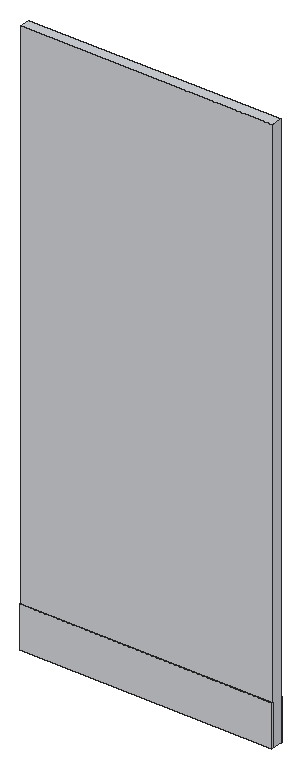
Revit family "BG_DORc_Leaf-Type2", category Doors, Revit 2020
Family settings
  Work Plane-Based = Yes
  Always vertical = No
  Cut with Voids When Loaded = No
  Shared = Yes
  Room Calculation Point = No
Parameters (values of type "Typical")
  Width [instance] = 920 mm
  Undercut [instance] = 0 mm
  Rough Width = 0 mm  # constant formula
  Rough Height = 0 mm  # constant formula
  Height [instance] = 2040 mm
  Default Elevation = 1219.2 mm
  BG_MATd_ProtectionInt1 [instance] = none
  BG_MATd_ProtectionExt1 [instance] = none
  BG_MATd_LeafInt1 [instance] = none
  BG_MATd_LeafExt1 [instance] = none
  BG_MATd_LeafCore1 [instance] = none
  BG_MATd_Glazing1 [instance] = none
  BG_DIMd_ProtectionHeightInt1 [instance] = 150 mm
  BG_DIMd_ProtectionHeightExt1 [instance] = 150 mm
  BG_DIMd_LeafThickness1 [instance] = 40 mm
  BG_DIMd_HandleMountingHeight1 [instance] = 1000 mm
Reference planes
  plane 1 "Front": y = 0
  plane 2 "Center (Elevation)": z = 0
  plane 3 "Center (Left/Right)": x = 0
  plane 4: z = 2040
  plane 5: x = -920
  plane 6 "Back": y = -40
  plane 7: z = 1000
Forms (mm)
  Extrusion 1, solid, material <- "BG_MATd_LeafCore1"
    sketch origin (1.5, 0, 0) x (-0.707107, 0.707107, 0) y (-0.707107, -0.707107, 0)
      loop
        line (-27.224, 29.345) -> (1.061, 1.061) -> (651.599, 651.599) -> (623.315, 679.883) -> (-27.224, 29.345)
    from 0 <- "Undercut" to 2040 <- "Height"
Lines and regions (mm)
  symbolic lines, style "InvisibleLines", detail levels coarse
    curve 1: line (0, 0, 0) -> (0, 80, 0)
    curve 2: line (0, 80, 0) -> (24.749, 55.251, 0)
    curve 3: line (0, 80, 0) -> (-24.749, 55.251, 0)
  model lines, style "Elevation Swing"
    curve 4: line (0, 0, 2040) -> (-920, 0, 1000)
    curve 5: line (-920, 0, 1000) -> (0, 0, 0)
    curve 6: line (0, -40, 2040) -> (-920, -40, 1000)
    curve 7: line (-920, -40, 1000) -> (0, -40, 0)
Dimensions and locks
  "Height": plane 4 to level
  "Width": plane 5 to plane 3 "Center (Left/Right)"
  "BG_DIMd_LeafThickness1": plane 1 "Front" to plane 6 "Back"
  "BG_DIMd_HandleMountingHeight1": plane 7 to level
  aligned and locked: level to plane 2 "Center (Elevation)"
  aligned and locked: plane 3 "Center (Left/Right)" to Extrusion 1 sketch curve
  aligned and locked: Extrusion 1 sketch curve to plane 1 "Front"
  aligned and locked: plane 6 "Back" to Extrusion 1 sketch curve
  aligned and locked: plane 5 to Extrusion 1 sketch curve
  aligned and locked: nested 1 to plane 5
  aligned and locked: plane 5 to nested 2
Automatic sketch dimensions
  curve 2 to plane 3 "Center (Left/Right)" = 0 mm
  plane 1 "Front" to curve 1 = 0 mm
  curve 3 to plane 1 "Front" = 80 mm
  curve 3 to plane 3 "Center (Left/Right)" = 24.749 mm
  plane 3 "Center (Left/Right)" to curve 2 = 24.749 mm
  curve 2 to curve 1 = 24.749 mm
  curve 5 to plane 5 = 0 mm
  curve 5 to level = 0 mm
  curve 5 to plane 3 "Center (Left/Right)" = 0 mm
  curve 4 to plane 3 "Center (Left/Right)" = 0 mm
  curve 5 to plane 7 = 0 mm
  curve 4 to plane 4 = 0 mm
  curve 7 to level = 0 mm
  curve 7 to plane 3 "Center (Left/Right)" = 0 mm
  curve 6 to plane 3 "Center (Left/Right)" = 0 mm
  curve 6 to plane 5 = 0 mm
  curve 6 to plane 7 = 0 mm
  curve 6 to plane 4 = 0 mm
Nested families
  nested 1: "BG_DORc_Protection-Type1" at (0, 0, 0) x (-1, 0, 0) z (0, 1, 0), Undercut <- "Undercut", Width <- "Width", Height <- "BG_DIMd_ProtectionHeightExt1", Protection finish <- "BG_MATd_ProtectionExt1", type "Typical", detail levels fine
    with Width 920 mm, Undercut 0 mm, Protection on yes, Protection finish none, Height override 150 mm, Height 150 mm
  nested 2: "BG_DORc_Protection-Type1" at (-920, -40, 0) x (1, 0, 0) z (0, -1, 0), Undercut <- "Undercut", Width <- "Width", Height <- "BG_DIMd_ProtectionHeightInt1", Protection finish <- "BG_MATd_ProtectionInt1", type "Typical", detail levels fine
    with Width 920 mm, Undercut 0 mm, Protection on yes, Protection finish none, Height override 150 mm, Height 150 mm
Definition of nested family "BG_DORc_Protection-Type1"
  Parameters (values of type "Typical")
    Width [instance] = 920 mm
    Undercut [instance] = 25 mm
    Thickness = 2 mm
    Protection on [instance] = Height - Undercut > 2 mm  # yes
    Protection finish [instance] = none
    Height override [instance] = if(Height - Undercut > 2 mm, Height, 2 mm)  # 150 mm
    Height [instance] = 150 mm
    Default Elevation = 1219.2 mm
  Reference planes
    plane 1 "Center (Front/Back)": y = 0
    plane 2: z = 0
    plane 3 "Center (Left/Right)": x = 0
    plane 4: x = 920
    plane 5: y = 150
    plane 6: y = 25
  Forms (mm)
    Extrusion 1, solid
      sketch origin (0, 0, 0) x (1, 0, 0) y (0, 1, 0)
        loop
          line (-1219.2, 1219.2) -> (-1219.2, -1219.2) -> (1219.2, -1219.2) -> (1219.2, 1219.2) -> (-1219.2, 1219.2)
      from 0 to -304.8
    Extrusion 2, solid, material <- "Protection finish", visible <- "Protection on"
      sketch origin (0, 0, 0) x (1, 0, 0) y (0, 1, 0)
        loop
          line (0, 150) -> (0, 25) -> (920, 25) -> (920, 150) -> (0, 150)
      from 0 to 2 <- "Thickness"
  Dimensions and locks
    "Height override": plane 1 "Center (Front/Back)" to plane 5
    "Width": plane 3 "Center (Left/Right)" to plane 4
    "Undercut": plane 1 "Center (Front/Back)" to plane 6
    aligned and locked: plane 2 to Extrusion 1
    aligned and locked: level to Extrusion 1
    aligned and locked: Extrusion 2 sketch curve to plane 3 "Center (Left/Right)"
    aligned and locked: Extrusion 2 sketch curve to plane 5
    aligned and locked: Extrusion 2 sketch curve to plane 4
    aligned and locked: Extrusion 2 sketch curve to plane 6
  Automatic sketch dimensions
    Extrusion 1 sketch curve to Extrusion 1 sketch curve = 2438.4 mm  (x2)
